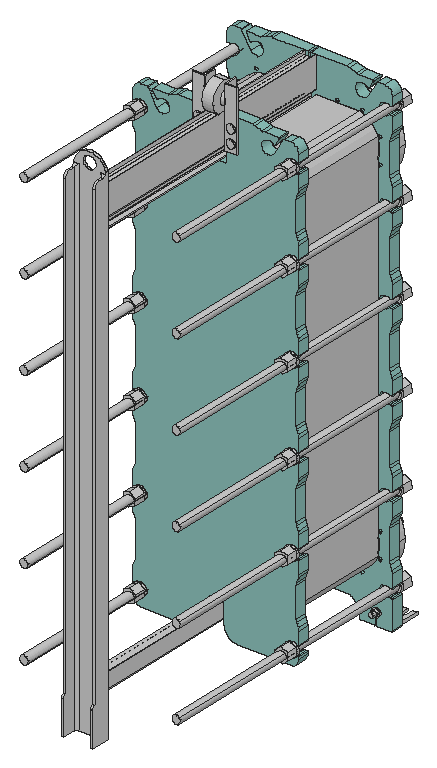
Revit family "MIT 562 - Heat Exchanger", category Specialty Equipment, Revit 2022 (continued)
Automatic sketch dimensions
  Extrusion 32 sketch curve to Extrusion 32 sketch curve = 0.00 mm  (x3)
  Extrusion 13 to Extrusion 32 sketch curve = 18.00 mm
  Extrusion 32 sketch curve to Extrusion 13 = 39.50 mm
  Extrusion 13 to Extrusion 32 sketch curve = 17.999 mm
  Extrusion 13 to Extrusion 32 sketch curve = 58.401 mm
  Extrusion 13 to Extrusion 32 sketch curve = 50.801 mm
  Extrusion 32 sketch curve to Extrusion 32 sketch curve = 19.901 mm
  Extrusion 32 sketch curve to Extrusion 13 = 63.732 mm
  Extrusion 32 sketch curve to Extrusion 13 = 15.50 mm
  Extrusion 33 sketch curve to Extrusion 33 sketch curve = 0.00 mm  (x4)
  Extrusion 33 sketch curve to Extrusion 2 = 3.533 mm  (x8)
  Extrusion 34 sketch curve to Extrusion 2 = 3.286 mm  (x8)
  Extrusion 34 sketch curve to Extrusion 2 = 31.993 mm  (x2)
  Extrusion 34 sketch curve to Extrusion 2 = 5.109 mm  (x8)
  Extrusion 34 sketch curve to Extrusion 34 sketch curve = 1.052 mm  (x2)
  Extrusion 34 sketch curve to Extrusion 34 sketch curve = 11.941 mm  (x6)
  Extrusion 2 to Extrusion 34 sketch curve = 2.255 mm  (x2)
  Extrusion 34 sketch curve to Extrusion 34 sketch curve = 12.993 mm  (x6)
  Extrusion 2 to Extrusion 34 sketch curve = 1.455 mm  (x2)
  Extrusion 34 sketch curve to Extrusion 2 = 7.059 mm  (x4)
  Extrusion 34 sketch curve to Extrusion 2 = 6.007 mm  (x4)
  Extrusion 34 sketch curve to Extrusion 2 = 11.395 mm  (x4)
  Extrusion 35 sketch curve to Extrusion 35 sketch curve = 0.00 mm  (x4)
  Extrusion 35 sketch curve to Extrusion 2 = 3.533 mm  (x8)
  Extrusion 36 sketch curve to Extrusion 2 = 3.286 mm  (x8)
  Extrusion 36 sketch curve to Extrusion 2 = 31.993 mm  (x2)
  Extrusion 36 sketch curve to Extrusion 2 = 5.109 mm  (x8)
  Extrusion 36 sketch curve to Extrusion 36 sketch curve = 1.052 mm  (x3)
  Extrusion 2 to Extrusion 36 sketch curve = 2.255 mm  (x2)
  Extrusion 36 sketch curve to Extrusion 36 sketch curve = 11.941 mm  (x5)
  Extrusion 2 to Extrusion 36 sketch curve = 1.455 mm  (x2)
  Extrusion 36 sketch curve to Extrusion 36 sketch curve = 12.993 mm  (x6)
  Extrusion 36 sketch curve to Extrusion 2 = 7.059 mm  (x4)
  Extrusion 36 sketch curve to Extrusion 2 = 6.007 mm  (x4)
  Extrusion 36 sketch curve to Extrusion 2 = 11.395 mm  (x4)
  Extrusion 37 sketch curve to Extrusion 37 sketch curve = 0.00 mm  (x4)
  Extrusion 37 sketch curve to Extrusion 2 = 0.484 mm  (x8)
  Extrusion 38 sketch curve to Extrusion 38 sketch curve = 0.00 mm  (x8)
  Extrusion 38 sketch curve to level = 0.00 mm  (x2)
  Extrusion 38 sketch curve to plane 11 "12" = 0.00 mm  (x2)
  Extrusion 38 sketch curve to plane 3 "Center (Left/Right)" = 0.00 mm  (x4)
  Extrusion 38 sketch curve to plane 3 "Center (Left/Right)" = 140.00 mm
  Extrusion 38 sketch curve to plane 3 "Center (Left/Right)" = 149.00 mm  (x3)
  level to Extrusion 38 sketch curve = 70.00 mm
  Extrusion 38 sketch curve to Extrusion 38 sketch curve = 32.97 mm  (x2)
  level to Extrusion 38 sketch curve = 35.00 mm  (x2)
  Extrusion 38 sketch curve to Extrusion 38 sketch curve = 35.00 mm  (x4)
  Extrusion 38 sketch curve to Extrusion 38 sketch curve = 21.03 mm  (x2)
  Extrusion 38 sketch curve to Extrusion 38 sketch curve = 60.00 mm  (x5)
  Extrusion 38 sketch curve to plane 3 "Center (Left/Right)" = 279.00 mm  (x2)
  Extrusion 38 sketch curve to Extrusion 38 sketch curve = 130.00 mm  (x4)
  Extrusion 38 sketch curve to Extrusion 38 sketch curve = 85.00 mm  (x2)
  plane 3 "Center (Left/Right)" to Extrusion 38 sketch curve = 140.00 mm
  plane 3 "Center (Left/Right)" to Extrusion 38 sketch curve = 149.00 mm  (x3)
  plane 3 "Center (Left/Right)" to Extrusion 38 sketch curve = 279.00 mm  (x2)
  Extrusion 38 sketch curve to Extrusion 38 sketch curve = 25.00 mm
  level to Extrusion 38 sketch curve = 45.00 mm  (x2)
  level to Extrusion 38 sketch curve = 105.70 mm
  Extrusion 38 sketch curve to Extrusion 38 sketch curve = 81.00 mm  (x2)
  Extrusion 38 sketch curve to Extrusion 38 sketch curve = 106.30 mm  (x2)
  Extrusion 38 sketch curve to Extrusion 38 sketch curve = 171.00 mm  (x2)
  Extrusion 38 sketch curve to Extrusion 38 sketch curve = 317.00 mm  (x4)
  plane 11 "12" to Extrusion 38 sketch curve = 172.00 mm  (x2)
  Extrusion 38 sketch curve to plane 11 "12" = 139.60 mm
  Extrusion 38 sketch curve to plane 11 "12" = 145.00 mm  (x2)
  Extrusion 38 sketch curve to Extrusion 38 sketch curve = 32.00 mm  (x2)
  Extrusion 38 sketch curve to Extrusion 38 sketch curve = 77.00 mm  (x2)
  Extrusion 38 sketch curve to Extrusion 38 sketch curve = 12.00 mm
  Extrusion 38 sketch curve to Extrusion 38 sketch curve = 52.956 mm  (x8)
  Extrusion 38 sketch curve to Extrusion 38 sketch curve = 43.921 mm  (x2)
  plane 11 "12" to Extrusion 38 sketch curve = 43.921 mm  (x2)
  Extrusion 39 sketch curve to Extrusion 39 sketch curve = 0.00 mm  (x28)
  Extrusion 39 sketch curve to plane 3 "Center (Left/Right)" = 0.00 mm
  plane 3 "Center (Left/Right)" to Extrusion 39 sketch curve = 30.00 mm
  plane 3 "Center (Left/Right)" to Extrusion 39 sketch curve = 41.00 mm
  plane 3 "Center (Left/Right)" to Extrusion 39 sketch curve = 60.00 mm
  Extrusion 39 sketch curve to Extrusion 39 sketch curve = 19.00 mm  (x2)
  Extrusion 39 sketch curve to Extrusion 39 sketch curve = 80.00 mm  (x2)
  Extrusion 39 sketch curve to Extrusion 39 sketch curve = 32.97 mm  (x2)
  Extrusion 39 sketch curve to Extrusion 39 sketch curve = 21.03 mm  (x2)
  level to Extrusion 39 sketch curve = 126.00 mm  (x2)
  Extrusion 39 sketch curve to Extrusion 39 sketch curve = 249.00 mm  (x2)
  plane 3 "Center (Left/Right)" to Extrusion 39 sketch curve = 279.00 mm  (x4)
  Extrusion 39 sketch curve to Extrusion 39 sketch curve = 85.00 mm  (x2)
  Extrusion 39 sketch curve to Extrusion 39 sketch curve = 25.00 mm  (x4)
  Extrusion 39 sketch curve to plane 3 "Center (Left/Right)" = 41.00 mm
  Extrusion 39 sketch curve to plane 3 "Center (Left/Right)" = 60.00 mm
  Extrusion 39 sketch curve to plane 3 "Center (Left/Right)" = 279.00 mm  (x4)
  level to Extrusion 39 sketch curve = 70.00 mm
  Extrusion 39 sketch curve to Extrusion 39 sketch curve = 56.00 mm
  Extrusion 39 sketch curve to Extrusion 39 sketch curve = 103.50 mm
  Extrusion 39 sketch curve to Extrusion 39 sketch curve = 317.00 mm  (x6)
  plane 11 "12" to Extrusion 39 sketch curve = 172.00 mm  (x2)
  Extrusion 39 sketch curve to plane 11 "12" = 72.50 mm
  Extrusion 39 sketch curve to Extrusion 39 sketch curve = 72.10 mm  (x2)
  Extrusion 39 sketch curve to plane 11 "12" = 145.00 mm  (x2)
  Extrusion 39 sketch curve to Extrusion 39 sketch curve = 32.00 mm  (x2)
  Extrusion 39 sketch curve to Extrusion 39 sketch curve = 50.00 mm  (x2)
  Extrusion 39 sketch curve to Extrusion 39 sketch curve = 77.00 mm
  Extrusion 39 sketch curve to Extrusion 39 sketch curve = 45.00 mm
  Extrusion 39 sketch curve to Extrusion 39 sketch curve = 39.40 mm
  Extrusion 39 sketch curve to Extrusion 39 sketch curve = 12.00 mm
  Extrusion 39 sketch curve to Extrusion 39 sketch curve = 21.00 mm  (x12)
  Extrusion 40 sketch curve to Extrusion 40 sketch curve = 0.00 mm  (x9)
  Extrusion 40 sketch curve to plane 11 "12" = 0.00 mm  (x2)
  plane 3 "Center (Left/Right)" to Extrusion 40 sketch curve = 250.00 mm
  Extrusion 40 sketch curve to Extrusion 40 sketch curve = 65.201 mm  (x3)
  Extrusion 40 sketch curve to Extrusion 40 sketch curve = 35.799 mm  (x3)
  Extrusion 40 sketch curve to Extrusion 40 sketch curve = 101.00 mm
  plane 3 "Center (Left/Right)" to Extrusion 40 sketch curve = 33.913 mm  (x2)
  Extrusion 40 sketch curve to Extrusion 40 sketch curve = 4.161 mm  (x4)
  plane 3 "Center (Left/Right)" to Extrusion 40 sketch curve = 25.957 mm  (x2)
  Extrusion 40 sketch curve to Extrusion 40 sketch curve = 6.707 mm  (x7)
  Extrusion 40 sketch curve to plane 3 "Center (Left/Right)" = 19.25 mm  (x2)
  Extrusion 40 sketch curve to Extrusion 40 sketch curve = 10.502 mm  (x2)
  Extrusion 40 sketch curve to Extrusion 40 sketch curve = 119.248 mm  (x2)
  level to Extrusion 40 sketch curve = 272.00 mm
  Extrusion 40 sketch curve to Extrusion 40 sketch curve = 43.07 mm  (x2)
  Extrusion 40 sketch curve to Extrusion 40 sketch curve = 72.06 mm
  Extrusion 40 sketch curve to Extrusion 40 sketch curve = 6.764 mm  (x4)
  Extrusion 40 sketch curve to Extrusion 40 sketch curve = 11.769 mm  (x4)
  Extrusion 40 sketch curve to Extrusion 40 sketch curve = 6.50 mm  (x4)
  Extrusion 40 sketch curve to Extrusion 40 sketch curve = 60.73 mm
  Extrusion 40 sketch curve to plane 11 "12" = 43.07 mm  (x2)
  Extrusion 40 sketch curve to plane 11 "12" = 72.06 mm
  Extrusion 40 sketch curve to Extrusion 40 sketch curve = 32.20 mm  (x2)
  Extrusion 40 sketch curve to Extrusion 40 sketch curve = 68.80 mm  (x2)
  Extrusion 41 sketch curve to Extrusion 41 sketch curve = 0.00 mm  (x35)
  Extrusion 41 sketch curve to plane 11 "12" = 0.00 mm  (x2)
  Extrusion 41 sketch curve to plane 3 "Center (Left/Right)" = 149.00 mm  (x2)
  plane 3 "Center (Left/Right)" to Extrusion 41 sketch curve = 149.00 mm  (x2)
  level to Extrusion 41 sketch curve = 272.00 mm
  Extrusion 41 sketch curve to Extrusion 41 sketch curve = 1.00 mm  (x2)
  Extrusion 41 sketch curve to Extrusion 41 sketch curve = 68.80 mm  (x4)
  Extrusion 41 sketch curve to Extrusion 41 sketch curve = 73.70 mm  (x2)
  plane 3 "Center (Left/Right)" to Extrusion 41 sketch curve = 6.50 mm  (x2)
  Extrusion 42 sketch curve to level = 0.00 mm
  Extrusion 42 sketch curve to plane 3 "Center (Left/Right)" = 0.00 mm  (x4)
  Extrusion 42 sketch curve to plane 3 "Center (Left/Right)" = 194.00 mm
  level to Extrusion 42 sketch curve = 45.00 mm  (x2)
  Extrusion 42 sketch curve to plane 3 "Center (Left/Right)" = 244.00 mm
  Extrusion 42 sketch curve to plane 3 "Center (Left/Right)" = 279.00 mm  (x4)
  Extrusion 42 sketch curve to Extrusion 42 sketch curve = 35.00 mm  (x2)
  Extrusion 42 sketch curve to Extrusion 42 sketch curve = 85.00 mm  (x2)
  Extrusion 42 sketch curve to Extrusion 42 sketch curve = 25.00 mm  (x2)
  plane 3 "Center (Left/Right)" to Extrusion 42 sketch curve = 194.00 mm
  plane 3 "Center (Left/Right)" to Extrusion 42 sketch curve = 244.00 mm
  plane 3 "Center (Left/Right)" to Extrusion 42 sketch curve = 279.00 mm  (x4)
  level to Extrusion 42 sketch curve = 105.70 mm
  Extrusion 42 sketch curve to Extrusion 42 sketch curve = 81.00 mm  (x2)
  Extrusion 42 sketch curve to Extrusion 42 sketch curve = 60.00 mm  (x2)
  Extrusion 42 sketch curve to Extrusion 42 sketch curve = 317.00 mm  (x6)
  plane 11 "12" to Extrusion 42 sketch curve = 172.00 mm  (x2)
  Extrusion 42 sketch curve to plane 11 "12" = 139.60 mm
  Extrusion 42 sketch curve to plane 11 "12" = 145.00 mm  (x2)
  Extrusion 42 sketch curve to Extrusion 42 sketch curve = 32.00 mm  (x2)
  Extrusion 42 sketch curve to Extrusion 42 sketch curve = 89.00 mm
  Extrusion 43 sketch curve to Extrusion 43 sketch curve = 0.00 mm  (x31)
  plane 3 "Center (Left/Right)" to Extrusion 43 sketch curve = 304.00 mm
  plane 3 "Center (Left/Right)" to Extrusion 43 sketch curve = 279.00 mm  (x4)
  Extrusion 43 sketch curve to Extrusion 43 sketch curve = 25.00 mm  (x5)
  Extrusion 43 sketch curve to Extrusion 43 sketch curve = 85.00 mm  (x2)
  plane 3 "Center (Left/Right)" to Extrusion 43 sketch curve = 60.00 mm
  plane 3 "Center (Left/Right)" to Extrusion 43 sketch curve = 41.00 mm
  plane 3 "Center (Left/Right)" to Extrusion 43 sketch curve = 30.00 mm
  Extrusion 43 sketch curve to plane 3 "Center (Left/Right)" = 30.00 mm
  Extrusion 43 sketch curve to plane 3 "Center (Left/Right)" = 41.00 mm
  Extrusion 43 sketch curve to Extrusion 43 sketch curve = 19.00 mm
  Extrusion 43 sketch curve to Extrusion 43 sketch curve = 134.00 mm
  Extrusion 43 sketch curve to plane 3 "Center (Left/Right)" = 279.00 mm  (x4)
  level to Extrusion 43 sketch curve = 126.00 mm
  Extrusion 43 sketch curve to Extrusion 43 sketch curve = 249.00 mm
  level to Extrusion 43 sketch curve = 70.00 mm
  Extrusion 43 sketch curve to Extrusion 43 sketch curve = 56.00 mm
  Extrusion 43 sketch curve to Extrusion 43 sketch curve = 133.50 mm
  Extrusion 43 sketch curve to Extrusion 43 sketch curve = 317.00 mm  (x6)
  plane 11 "12" to Extrusion 43 sketch curve = 172.00 mm  (x2)
  Extrusion 43 sketch curve to plane 11 "12" = 72.50 mm
  Extrusion 43 sketch curve to Extrusion 43 sketch curve = 72.10 mm  (x2)
  Extrusion 43 sketch curve to plane 11 "12" = 145.00 mm  (x2)
  Extrusion 43 sketch curve to Extrusion 43 sketch curve = 32.00 mm  (x2)
  Extrusion 43 sketch curve to Extrusion 43 sketch curve = 50.00 mm  (x2)
  Extrusion 43 sketch curve to Extrusion 43 sketch curve = 39.40 mm  (x2)
  Extrusion 43 sketch curve to Extrusion 43 sketch curve = 21.00 mm  (x12)
  plane 3 "Center (Left/Right)" to Extrusion 44 sketch curve = 250.00 mm
  Extrusion 44 sketch curve to Extrusion 44 sketch curve = 65.201 mm  (x3)
  plane 3 "Center (Left/Right)" to Extrusion 44 sketch curve = 33.913 mm  (x2)
  Extrusion 44 sketch curve to Extrusion 44 sketch curve = 4.161 mm  (x4)
  plane 3 "Center (Left/Right)" to Extrusion 44 sketch curve = 25.957 mm  (x2)
  Extrusion 44 sketch curve to Extrusion 44 sketch curve = 6.707 mm  (x6)
  Extrusion 44 sketch curve to plane 3 "Center (Left/Right)" = 19.25 mm  (x2)
  Extrusion 44 sketch curve to Extrusion 44 sketch curve = 10.502 mm  (x2)
  Extrusion 44 sketch curve to Extrusion 44 sketch curve = 150.886 mm  (x2)
  level to Extrusion 44 sketch curve = 168.20 mm
  Extrusion 44 sketch curve to Extrusion 44 sketch curve = 0.00 mm
  Extrusion 44 sketch curve to Extrusion 44 sketch curve = 6.50 mm  (x4)
  Extrusion 44 sketch curve to Extrusion 44 sketch curve = 11.769 mm  (x4)
  Extrusion 44 sketch curve to Extrusion 44 sketch curve = 6.764 mm  (x3)
  Extrusion 44 sketch curve to Extrusion 44 sketch curve = 60.73 mm  (x4)
  Extrusion 44 sketch curve to plane 11 "12" = 43.07 mm  (x2)
  Extrusion 44 sketch curve to plane 11 "12" = 72.06 mm
  Extrusion 45 sketch curve to Extrusion 45 sketch curve = 0.00 mm  (x9)
  Extrusion 45 sketch curve to plane 11 "12" = 0.00 mm  (x2)
  Extrusion 45 sketch curve to plane 3 "Center (Left/Right)" = 149.00 mm  (x2)
  plane 3 "Center (Left/Right)" to Extrusion 45 sketch curve = 149.00 mm  (x2)
  level to Extrusion 45 sketch curve = 271.00 mm
  Extrusion 45 sketch curve to Extrusion 45 sketch curve = 142.50 mm  (x2)
  plane 3 "Center (Left/Right)" to Extrusion 45 sketch curve = 6.50 mm  (x2)
  plane 3 "Center (Left/Right)" to Revolve 46 sketch curve = 234.25 mm
  Revolve 46 sketch curve to Revolve 46 sketch curve = 0.00 mm
  Revolve 46 sketch curve to Revolve 46 sketch curve = 16.45 mm
  plane 9 "Bolt End" to Revolve 46 sketch curve = 10.30 mm
  Revolve 46 sketch curve to Revolve 46 sketch curve = 265.00 mm
  Revolve 46 sketch curve to Revolve 46 sketch curve = 65.80 mm
  plane 1 "Center (Front/Back)" to Revolve 47 sketch curve = 0.00 mm
  Revolve 47 sketch curve to plane 7 "1" = 0.00 mm
  Revolve 47 sketch curve to plane 1 "Center (Front/Back)" = 3.00 mm
  Revolve 47 sketch curve to plane 7 "1" = 3.00 mm
  Revolve 47 sketch curve to plane 3 "Center (Left/Right)" = 234.25 mm
  Revolve 47 sketch curve to Revolve 47 sketch curve = 0.00 mm
  Revolve 47 sketch curve to Revolve 47 sketch curve = 16.45 mm
  plane 9 "Bolt End" to Revolve 47 sketch curve = 10.30 mm
  Revolve 47 sketch curve to Revolve 47 sketch curve = 265.00 mm
  Revolve 47 sketch curve to Revolve 47 sketch curve = 65.80 mm
  Revolve 48 sketch curve to plane 7 "1" = 0.00 mm
  plane 1 "Center (Front/Back)" to Revolve 48 sketch curve = 0.00 mm
  Revolve 48 sketch curve to plane 7 "1" = 3.00 mm
  Revolve 48 sketch curve to plane 1 "Center (Front/Back)" = 3.00 mm
  plane 3 "Center (Left/Right)" to Revolve 48 sketch curve = 234.25 mm
  Revolve 48 sketch curve to Revolve 48 sketch curve = 0.00 mm
  Revolve 48 sketch curve to Revolve 48 sketch curve = 16.45 mm
  plane 9 "Bolt End" to Revolve 48 sketch curve = 10.30 mm
  Revolve 48 sketch curve to Revolve 48 sketch curve = 265.00 mm
  Revolve 48 sketch curve to Revolve 48 sketch curve = 65.80 mm
  plane 1 "Center (Front/Back)" to Revolve 49 sketch curve = 0.00 mm
  Revolve 49 sketch curve to plane 7 "1" = 0.00 mm
  Revolve 49 sketch curve to plane 1 "Center (Front/Back)" = 3.00 mm
  Revolve 49 sketch curve to plane 7 "1" = 3.00 mm
  Revolve 49 sketch curve to plane 3 "Center (Left/Right)" = 234.25 mm
  Revolve 49 sketch curve to Revolve 49 sketch curve = 0.00 mm
  Revolve 49 sketch curve to Revolve 49 sketch curve = 16.45 mm
  plane 9 "Bolt End" to Revolve 49 sketch curve = 10.30 mm
  Revolve 49 sketch curve to Revolve 49 sketch curve = 265.00 mm
  Revolve 49 sketch curve to Revolve 49 sketch curve = 65.80 mm
  radius of Extrusion 1 to Extrusion 7 sketch curve = 4.50 mm  (x2)
  radius of Extrusion 2 to Extrusion 16 sketch curve = 4.00 mm  (x12)
  radius of Extrusion 24 sketch curve to Extrusion 2 = 2.50 mm  (x4)
  radius of Extrusion 26 sketch curve = 55.00 mm
  radius of Extrusion 26 sketch curve = 25.00 mm
  radius of Extrusion 27 sketch curve = 24.50 mm
  radius of Extrusion 2 to Extrusion 33 sketch curve = 4.50 mm  (x4)
  radius of Extrusion 2 to Extrusion 35 sketch curve = 4.50 mm  (x4)
  radius of Extrusion 37 sketch curve to Extrusion 2 = 2.50 mm  (x4)
  radius of Extrusion 38 sketch curve = 10.50 mm  (x6)
  radius of Extrusion 38 sketch curve = 21.00 mm  (x12)
  radius of Extrusion 38 sketch curve = 25.00 mm  (x2)
  radius of Extrusion 39 sketch curve = 10.50 mm  (x4)
  radius of Extrusion 42 sketch curve = 10.50 mm  (x6)
  radius of Extrusion 42 sketch curve = 21.00 mm  (x12)
  radius of Extrusion 42 sketch curve = 25.00 mm  (x2)
  radius of Extrusion 43 sketch curve = 10.50 mm  (x4)
Connectors
  piping at (149, 29, 1566), diameter 152.4
    settings: on cut or joined group of Extrusion 19, Extrusion 23, index 1, connector inside diameter 609.6 mm, connector length 0.00 mm, flow factor 0, pipe flow 0.0 L/s, pressure drop 0 bar, fitting loss kfactor 0, connector angle 0.00°, fixture units 0, engagement length 0.00 mm, angle of deflection 0.00°, flow configuration 0, flow direction 1, fitting loss method 0, system type 7, joint type 0, gender type 0, connector reference index -1, connector utility 0, adjustable connector no, is connector primary yes, connector description ""
  piping at (-149, 29, 1566), diameter 152.4
    settings: on cut or joined group of Extrusion 19, Extrusion 23, index 2, connector inside diameter 609.6 mm, connector length 0.00 mm, flow factor 0, pipe flow 0.0 L/s, pressure drop 0 bar, fitting loss kfactor 0, connector angle 0.00°, fixture units 0, engagement length 0.00 mm, angle of deflection 0.00°, flow configuration 0, flow direction 2, fitting loss method 0, system type 7, joint type 0, gender type 0, connector reference index -1, connector utility 0, adjustable connector no, is connector primary no, connector description ""
  piping at (-149, 29, 271), diameter 152.4
    settings: on cut or joined group of Extrusion 19, Extrusion 23, index 3, connector inside diameter 609.6 mm, connector length 0.00 mm, flow factor 0, pipe flow 0.0 L/s, pressure drop 0 bar, fitting loss kfactor 0, connector angle 0.00°, fixture units 0, engagement length 0.00 mm, angle of deflection 0.00°, flow configuration 0, flow direction 1, fitting loss method 0, system type 7, joint type 0, gender type 0, connector reference index -1, connector utility 0, adjustable connector no, is connector primary no, connector description ""
  piping at (149, 29, 271), diameter 152.4
    settings: on cut or joined group of Extrusion 19, Extrusion 23, index 4, connector inside diameter 609.6 mm, connector length 0.00 mm, flow factor 0, pipe flow 0.0 L/s, pressure drop 0 bar, fitting loss kfactor 0, connector angle 0.00°, fixture units 0, engagement length 0.00 mm, angle of deflection 0.00°, flow configuration 0, flow direction 2, fitting loss method 0, system type 7, joint type 0, gender type 0, connector reference index -1, connector utility 0, adjustable connector no, is connector primary no, connector description ""
